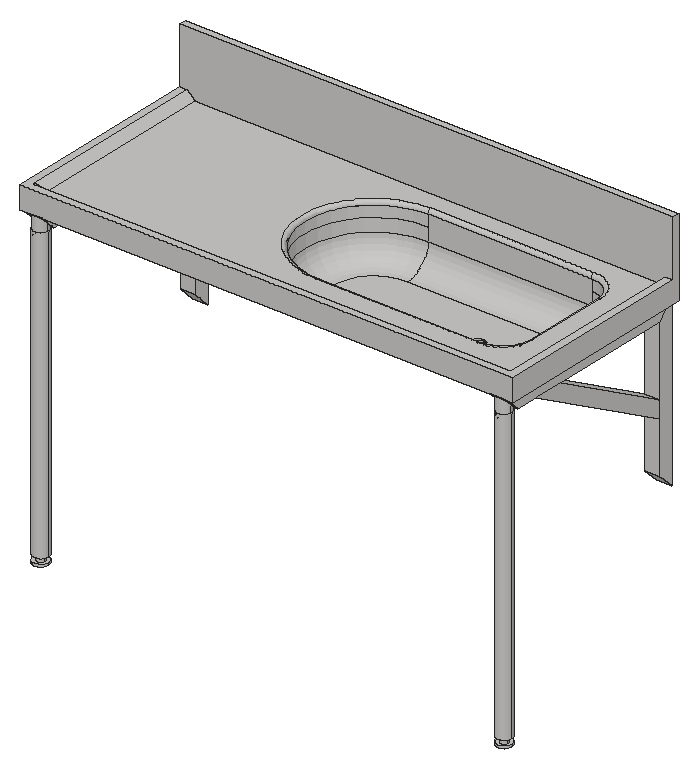
Revit family
Parameters (values of type "1320 X 555")
  Radius Of Semi_Circular Bowl = Width Of Semi_Circular Bowl / 2  # 182.5 mm
  Depth Of Semi_Circular Bowl = 165 mm
  Width Of Semi_Circular Bowl = 365 mm
  Length Of Semi_Circular Bowl = 690 mm
  Waste Connection Radius = Waste Connection Diameter / 2  # 20 mm
  Waste Connection Diameter = 40 mm
  Waste Connection = 1 = 1  # yes
  WFU = 0
  Vent Connection = 1 = 0  # no
  URL = "http://www.autospec.co.za/browse.php?id=1644179282"
  Product Code = "None"
  OmniClass Title = ""
  OmniClass Number = ""
  Modspec Classification = ""
  Specification = ""
  Location (revit room) = ""
  Material = Stainless Steel Grade 304
  HW Connection = 1 = 0  # no
  Description = ""
  Default Elevation = 0 mm
  Colour = none
  CW Connection = 1 = 0  # no
  Body Finish = none
  Bed Height = 210 mm
  Splashback Height = 150 mm
  Width = 555 mm
  Model = "Baby Bath-BBGB -1320 X 555"
  Manufacturer = "Kwikot"  # constant formula
  Length = 1320 mm
  Height = 1050 mm
  Assembly Code = "D2010510"
Reference planes
  plane 1 "Back": y = 0
  plane 2 "Bottom": z = 0
  plane 3 "Center (Left/Right)": x = 0
  plane 4 "Left": x = -660
  plane 5 "Right": x = 660
  plane 6 "Front": y = -555
  plane 7 "Top": z = 1050
  plane 8: z = 900
  plane 9: z = 840
  plane 10: z = 735
  plane 11: y = -262
  plane 12: x = 560
  plane 13: x = -130
  plane 14: y = -79.5
  plane 15: y = -444.5
Forms (mm)
  Extrusion 1, solid, material "Stainless Steel Grade 304" <- "Material"
    sketch origin (-660, -491, 4000) x (0, -1, 0) y (0, 0, 1)
      loop
        line (-491, -3160) -> (64, -3160) -> (64, -3100) -> (-471, -3100) -> (-471, -2950) -> (-491, -2950) -> (-491, -3160)
    from 0 to -1320
  Blend 2, void
    base sketch origin (-779.234, -1524, 900) x (0, -1, 0) y (1, 0, 0)
      loop
        arc (-994, 139.234) -> (-990.464, 140.698) -> (-989, 144.234) r 5
        line (-989, 144.234) -> (-989, 1414.234)
        arc (-989, 1414.234) -> (-990.464, 1417.769) -> (-994, 1419.234) r 5
        line (-994, 1419.234) -> (-1504, 1419.234) -> (-1504, 139.234) -> (-994, 139.234)
    top sketch origin (-779.234, -1524, 900) x (0, -1, 0) y (1, 0, 0)
      loop
        line (-1504, 159.234) -> (-1014, 159.234)
        arc (-1014, 159.234) -> (-1010.464, 160.698) -> (-1009, 164.234) r 5
        line (-1009, 164.234) -> (-1009, 1394.234)
        arc (-1009, 1394.234) -> (-1010.464, 1397.769) -> (-1014, 1399.234) r 5
        line (-1014, 1399.234) -> (-1504, 1399.234) -> (-1504, 159.234)
    from 0 to -20
  Extrusion 3, void
    sketch origin (-779.234, -1524, 840) x (0, -1, 0) y (-1, 0, 0)
      loop
        line (-1444.5, -831.734) -> (-1444.5, -1269.234)
        arc (-1444.5, -1269.234) -> (-1423.997, -1318.731) -> (-1374.5, -1339.234) r 70
        line (-1374.5, -1339.234) -> (-1149.5, -1339.234)
        arc (-1149.5, -1339.234) -> (-1100.003, -1318.731) -> (-1079.5, -1269.234) r 70
        line (-1079.5, -1269.234) -> (-1079.5, -831.734)
        arc (-1079.5, -831.734) -> (-1262, -649.234) -> (-1444.5, -831.734) r 182.5
    from 0 to -60
  Sweep 4, solid, material "Stainless Steel Grade 304" <- "Material"
    path origin (-779.234, -1524, 840) x (-1, 0, 0) y (0, -1, 0)
      loop
        line (-1269.234, -1444.5) -> (-831.734, -1444.5)
        arc (-831.734, -1444.5) -> (-649.234, -1262) -> (-831.734, -1079.5) r 182.5
        line (-831.734, -1079.5) -> (-1269.234, -1079.5)
        arc (-1269.234, -1079.5) -> (-1318.731, -1100.003) -> (-1339.234, -1149.5) r 70
        line (-1339.234, -1149.5) -> (-1339.234, -1374.5)
        arc (-1339.234, -1374.5) -> (-1318.731, -1423.997) -> (-1269.234, -1444.5) r 70
    profile origin (271.25, -79.5, 840) x (0, -1, 0) y (0, 0, 1)
      loop
        line (0, 0) -> (-2.5, 0) -> (-2.5, -35)
        arc (-2.5, -35) -> (18.003, -84.497) -> (67.5, -105) r 70
        line (67.5, -105) -> (67.5, -102.5)
        arc (67.5, -102.5) -> (19.77, -82.73) -> (0, -35) r 67.5
        line (0, -35) -> (0, 0)
  Extrusion 5, solid, material "Stainless Steel Grade 304" <- "Material"
    sketch origin (-1108.106, -1524, 735) x (-1, 0, 0) y (0, -1, 0)
      loop
        arc (-1160.606, -1377) -> (-1045.606, -1262) -> (-1160.606, -1147) r 115
        line (-1160.606, -1147) -> (-1598.106, -1147)
        arc (-1598.106, -1147) -> (-1599.874, -1147.732) -> (-1600.606, -1149.5) r 2.5
        line (-1600.606, -1149.5) -> (-1600.606, -1374.5)
        arc (-1600.606, -1374.5) -> (-1599.874, -1376.268) -> (-1598.106, -1377) r 2.5
        line (-1598.106, -1377) -> (-1160.606, -1377)
      loop
        circle (-1438.106, -1262) r 20
    from 0 to 2.5
  Extrusion 6, solid, material "Stainless Steel Grade 304" <- "Material"
    sketch origin (-1108.106, -1524, 735) x (-1, 0, 0) y (0, -1, 0)
      loop
        circle (-1438.106, -1262) r 20
      loop
        circle (-1438.106, -1262) r 23
    from 0 to -5
  Sweep 7, void
    path origin (-779.234, -1524, 900) x (-1, 0, 0) y (0, -1, 0)
      loop
        line (-1269.234, -1444.5) -> (-831.734, -1444.5)
        arc (-831.734, -1444.5) -> (-649.234, -1262) -> (-831.734, -1079.5) r 182.5
        line (-831.734, -1079.5) -> (-1269.234, -1079.5)
        arc (-1269.234, -1079.5) -> (-1318.731, -1100.003) -> (-1339.234, -1149.5) r 70
        line (-1339.234, -1149.5) -> (-1339.234, -1374.5)
        arc (-1339.234, -1374.5) -> (-1318.731, -1423.997) -> (-1269.234, -1444.5) r 70
    profile origin (271.25, -79.5, 900) x (0, -1, 0) y (0, 0, 1)
      loop
        line (0, -20) -> (-10, -20)
        arc (-10, -20) -> (-2.929, -22.929) -> (0, -30) r 10
        line (0, -30) -> (0, -20)
Cuts and joins
  Blend 2, Extrusion 3, Sweep 7 cuts Extrusion 1
  Sweep 7 cuts Sweep 4
  Sweep 7 cuts Extrusion 5
  joined: Extrusion 1, Sweep 4, Extrusion 5
Lines and regions (mm)
  symbolic lines
    curve 1: line (-660, 0, 750) -> (-660, -555, 750)
    curve 2: line (660, 0, 750) -> (-660, 0, 750)
    curve 3: line (660, -555, 750) -> (660, 0, 750)
    curve 4: line (-660, -555, 750) -> (660, -555, 750)
    curve 5: line (635, -535, 750) -> (-635, -535, 750)
    curve 6: arc (-635, -535, 750) -> (-638.536, -533.536, 750) -> (-640, -530, 750) r 5
    curve 7: line (-640, -530, 750) -> (-640, -20, 750)
    curve 8: line (-660, -20, 750) -> (660, -20, 750)
    curve 9: arc (640, -530, 750) -> (638.536, -533.536, 750) -> (635, -535, 750) r 5
    curve 10: line (640, -20, 750) -> (640, -530, 750)
    curve 11: line (490, -79.5, 750) -> (52.5, -79.5, 750)
    curve 12: arc (560, -149.5, 750) -> (539.497, -100.003, 750) -> (490, -79.5, 750) r 70
    curve 13: line (560, -374.5, 750) -> (560, -149.5, 750)
    curve 14: arc (490, -444.5, 750) -> (539.497, -423.997, 750) -> (560, -374.5, 750) r 70
    curve 15: line (52.5, -444.5, 750) -> (490, -444.5, 750)
    curve 16: arc (52.5, -79.5, 750) -> (-130, -262, 750) -> (52.5, -444.5, 750) r 182.5
    curve 19: line (-620, -20, 750) -> (-620, -510, 750)
    curve 20: arc (-620, -510, 750) -> (-618.536, -513.536, 750) -> (-615, -515, 750) r 5
    curve 21: line (-615, -515, 750) -> (615, -515, 750)
    curve 22: arc (615, -515, 750) -> (618.536, -513.536, 750) -> (620, -510, 750) r 5
    curve 23: line (620, -510, 750) -> (620, -20, 750)
  symbolic lines, detail levels fine
    curve 17: arc (350, -262, 750) -> (330, -282, 750) -> (310, -262, 750) r 20
    curve 18: arc (310, -262, 750) -> (330, -242, 750) -> (350, -262, 750) r 20
Dimensions and locks
  equal spacing: plane 4 "Left", plane 3 "Center (Left/Right)", plane 5 "Right"
  "Length": plane 4 "Left" to plane 5 "Right"
  "Width": plane 1 "Back" to plane 6 "Front"
  "Height": plane 7 "Top" to level
  "Splashback Height": plane 7 "Top" to plane 8
  Blend 2 sketch curve to plane 6 "Front" = 20 mm
  "Bed Height": plane 7 "Top" to plane 9
  "Depth Of Semi_Circular Bowl": plane 8 to plane 10
  locked: plane 11 to plane 6 "Front" at 293
  "Length Of Semi_Circular Bowl": plane 13 to plane 12
  "Width Of Semi_Circular Bowl": plane 14 to plane 15
  equal spacing: plane 14, plane 11, plane 15
  plane 12 to plane 5 "Right" = 100 mm
  "Radius Of Semi_Circular Bowl": plane 13 to Extrusion 3 sketch curve
  Extrusion 5 sketch curve to plane 5 "Right" = 330 mm
  radius of Sweep 4 sketch curve = 67.5 mm
  radius of Sweep 4 sketch curve = 70 mm
  aligned and locked: level to plane 2 "Bottom"
  aligned and locked: Extrusion 1 sketch curve to plane 9
  aligned and locked: Extrusion 1 sketch curve to plane 1 "Back"
  aligned and locked: plane 8 to Extrusion 1 sketch curve
  aligned and locked: Extrusion 1 sketch curve to plane 6 "Front"
  aligned and locked: plane 7 "Top" to Extrusion 1 sketch curve
  aligned and locked: plane 4 "Left" to Extrusion 1
  aligned and locked: Extrusion 1 to plane 5 "Right"
  aligned and locked: var sketch to Blend 2 sketch curve
  aligned and locked: plane 8 to Extrusion 3
  aligned and locked: Extrusion 3 to plane 9
  aligned and locked: curve 1 to cut or joined group of Extrusion 1, Blend 2, Extrusion 3, Sweep 4, Extrusion 5, Sweep 7
  aligned and locked: curve 2 to cut or joined group of Extrusion 1, Blend 2, Extrusion 3, Sweep 4, Extrusion 5, Sweep 7
  aligned and locked: curve 3 to cut or joined group of Extrusion 1, Blend 2, Extrusion 3, Sweep 4, Extrusion 5, Sweep 7
  aligned and locked: curve 4 to cut or joined group of Extrusion 1, Blend 2, Extrusion 3, Sweep 4, Extrusion 5, Sweep 7
  aligned and locked: curve 6 to cut or joined group of Extrusion 1, Blend 2, Extrusion 3, Sweep 4, Extrusion 5, Sweep 7
  aligned and locked: curve 8 to cut or joined group of Extrusion 1, Blend 2, Extrusion 3, Sweep 4, Extrusion 5, Sweep 7
  aligned and locked: curve 9 to cut or joined group of Extrusion 1, Blend 2, Extrusion 3, Sweep 4, Extrusion 5, Sweep 7
  aligned and locked: curve 10 to cut or joined group of Extrusion 1, Blend 2, Extrusion 3, Sweep 4, Extrusion 5, Sweep 7
  aligned and locked: curve 19 to cut or joined group of Extrusion 1, Blend 2, Extrusion 3, Sweep 4, Extrusion 5, Sweep 7
  aligned and locked: curve 20 to cut or joined group of Extrusion 1, Blend 2, Extrusion 3, Sweep 4, Extrusion 5, Sweep 7
  aligned and locked: curve 22 to cut or joined group of Extrusion 1, Blend 2, Extrusion 3, Sweep 4, Extrusion 5, Sweep 7
  aligned and locked: plane 11 to Extrusion 3 sketch curve
  aligned and locked: plane 12 to Extrusion 3 sketch curve
  aligned and locked: plane 15 to Extrusion 3 sketch curve
  aligned and locked: Sweep 4 sketch curve to cut or joined group of Extrusion 1, Blend 2, Extrusion 3, Sweep 4, Extrusion 5, Sweep 7  (x5)
  aligned and locked: Extrusion 5 sketch curve to Sweep 4  (x3)
  aligned and locked: plane 11 to Extrusion 5 sketch curve
  aligned and locked: Extrusion 6 sketch curve to cut or joined group of Extrusion 1, Blend 2, Extrusion 3, Sweep 4, Extrusion 5, Sweep 7  (x2)
  aligned and locked: nested 1 to plane 4 "Left"
  aligned and locked: plane 1 "Back" to nested 1
  aligned and locked: nested 2 to plane 5 "Right"
  aligned and locked: plane 1 "Back" to nested 2
  aligned and locked: nested 4 to plane 5 "Right"
  aligned and locked: nested 4 to plane 6 "Front"
  aligned and locked: nested 3 to plane 4 "Left"
  aligned and locked: nested 3 to plane 6 "Front"
  aligned and locked: curve 16 to cut or joined group of Extrusion 1, Blend 2, Extrusion 3, Sweep 4, Extrusion 5, Sweep 7
  aligned and locked: curve 14 to cut or joined group of Extrusion 1, Blend 2, Extrusion 3, Sweep 4, Extrusion 5, Sweep 7
  aligned and locked: curve 12 to cut or joined group of Extrusion 1, Blend 2, Extrusion 3, Sweep 4, Extrusion 5, Sweep 7
  aligned and locked: plane 10 to Sweep 4 sketch curve
  aligned and locked: Sweep 7 sketch curve to cut or joined group of Extrusion 1, Blend 2, Extrusion 3, Sweep 4, Extrusion 5, Sweep 7  (x3)
  aligned and locked: profile plane to Sweep 7 sketch curve
  aligned and locked: cut or joined group of Extrusion 1, Blend 2, Extrusion 3, Sweep 4, Extrusion 5, Sweep 7 to Sweep 7 sketch curve
Automatic sketch dimensions
  plane 6 "Front" to Blend 2 sketch curve = 25 mm
  Blend 2 sketch curve to Blend 2 sketch curve = 5 mm  (x2)
  Blend 2 sketch curve to plane 4 "Left" = 20 mm
  plane 5 "Right" to Blend 2 sketch curve = 25 mm
  plane 6 "Front" to Blend 2 sketch curve = 45 mm  (x2)
  Blend 2 sketch curve to plane 4 "Left" = 45 mm
  plane 5 "Right" to Blend 2 sketch curve = 45 mm
  plane 1 "Back" to Extrusion 1 sketch curve = 20 mm
  Extrusion 3 sketch curve to Extrusion 3 sketch curve = 70 mm  (x2)
  plane 1 "Back" to Blend 2 sketch curve = 20 mm
  plane 1 "Back" to curve 2 = 0 mm
  curve 2 to plane 5 "Right" = 0 mm
  curve 1 to plane 4 "Left" = 0 mm
  curve 1 to plane 6 "Front" = 0 mm
  curve 18 to plane 11 = 0 mm
  curve 14 to curve 18 = 140 mm
  curve 17 to curve 18 = 20 mm
  Sweep 4 sketch curve to Sweep 4 sketch curve = 0 mm
  Extrusion 6 sketch curve to Extrusion 6 sketch curve = 0 mm  (x2)
  Extrusion 6 sketch curve to Extrusion 6 sketch curve = 3 mm
  Sweep 7 sketch curve to Sweep 7 sketch curve = 10 mm  (x3)
  profile plane to Sweep 7 sketch curve = 10 mm
  Sweep 7 sketch curve to profile plane = 0 mm
  radius of Extrusion 5 sketch curve = 20 mm
Nested families
  nested 1: "Gallows_Bracket" at (-660, 0, 0), Width <- "Width", Height <- "Height", Bed Height <- "Bed Height", type "Gallows_Bracket"
    with Width 555 mm, Height 1050 mm, Bed Height 210 mm
  nested 2: "Gallows_Bracket" at (660, 0, 0) x (-1, 0, 0) z (0, 0, 1), Width <- "Width", Height <- "Height", Bed Height <- "Bed Height", type "Gallows_Bracket"
    with Width 555 mm, Height 1050 mm, Bed Height 210 mm
  nested 3: "Round-Leg_Detachable" at (-660, -555, 0), Height <- "Height", Bed Height <- "Bed Height", type "Round-Leg_Detachable"
    with Height 1050 mm, Bed Height 210 mm
  nested 4: "Round-Leg_Detachable" at (660, -555, 0) x (-1, 0, 0) z (0, 0, 1), Height <- "Height", Bed Height <- "Bed Height", type "Round-Leg_Detachable"
    with Height 1050 mm, Bed Height 210 mm
Connectors
  piping at (330, -262, 730), driven by "Waste Connection Radius", driven by "WFU"
    settings: on Extrusion 6, index 1, connector radius 20 mm, flow factor 0, pipe flow 0.0 L/s, pressure drop 0.0 Pa, fitting loss kfactor 0, connector angle 0.00°, fixture units 0, flow configuration 3, flow direction 2, fitting loss method 0, system type 16, connector reference index -1, connector utility 0, adjustable connector no, is connector primary yes, fitting loss table "", connector description "Waste Connection"
Definition of nested family "Gallows_Bracket"
  Parameters (values of type "Gallows_Bracket")
    Width [instance] = 700 mm
    Height [instance] = 1050 mm
    Bed Height [instance] = 230 mm
  Reference planes
    plane 1 "Center (Front/Back)": y = 0
    plane 2: z = 0
    plane 3 "Center (Left/Right)": x = 0
    plane 4: z = 820
    plane 5: y = -700
    plane 6: z = 1050
  Forms (mm)
    Extrusion 1, solid, material "Stainless Steel Grade 304"
      sketch origin (0, 0, 0) x (0, 1, 0) y (0, 0, 1)
        loop
          line (0, 820) -> (-40, 780) -> (-40, 410) -> (0, 370) -> (0, 820)
      from 20 to 60
    Extrusion 2, solid, material "Stainless Steel Grade 304"
      sketch origin (0, 0, 0) x (0, 1, 0) y (0, 0, 1)
        loop
          line (0, 820) -> (-700, 820) -> (-660, 780) -> (-40, 780) -> (0, 820)
      from 20 to 60
    Extrusion 3, solid, material "Stainless Steel Grade 304"
      sketch origin (0, 0, 0) x (0, 1, 0) y (0, 0, 1)
        loop
          line (-40, 595) -> (-370, 780) -> (-451.799, 780) -> (-40, 549.143) -> (-40, 595)
      from 20 to 60
    Extrusion 4, solid, material "Stainless Steel Grade 304"
      sketch origin (-479.326, -1524, 820) x (-1, 0, 0) y (0, -1, 0)
        loop
          circle (-519.326, -844) r 19
      from 0 to -50
  Cuts and joins
    joined: Extrusion 2, Extrusion 4
  Dimensions and locks
    "Width": plane 1 "Center (Front/Back)" to plane 5
    locked: Extrusion 3 sketch curve to Extrusion 3 sketch curve at 40
    plane 3 "Center (Left/Right)" to Extrusion 4 sketch curve = 40 mm
    Extrusion 4 sketch curve to plane 5 = 20 mm
    "Height": plane 6 to plane 2
    locked: plane 4 to Extrusion 1 sketch curve at 450
    locked: plane 4 to Extrusion 1 sketch curve at 410
    "Bed Height": plane 6 to plane 4
    radius of Extrusion 4 sketch curve = 19 mm
    aligned and locked: level to plane 2
    aligned and locked: Extrusion 1 sketch curve to plane 1 "Center (Front/Back)"
    aligned and locked: Extrusion 2 sketch curve to Extrusion 1
    aligned and locked: Extrusion 2 sketch curve to plane 4
    aligned and locked: Extrusion 2 to Extrusion 3 sketch curve
    aligned and locked: Extrusion 1 to Extrusion 3 sketch curve
    aligned and locked: Extrusion 3 to Extrusion 1
    aligned and locked: Extrusion 1 to Extrusion 3
    aligned and locked: Extrusion 2 to Extrusion 1  (x2)
    aligned and locked: plane 4 to Extrusion 4
  Automatic sketch dimensions
    Extrusion 1 sketch curve to plane 4 = 0 mm
    plane 1 "Center (Front/Back)" to Extrusion 1 sketch curve = 40 mm
    Extrusion 1 sketch curve to plane 4 = 40 mm
    plane 1 "Center (Front/Back)" to Extrusion 3 sketch curve = 370 mm
    Extrusion 3 sketch curve to Extrusion 3 sketch curve = 81.799 mm
    plane 5 to Extrusion 2 sketch curve = 40 mm
    Extrusion 2 sketch curve to plane 4 = 40 mm
    Extrusion 2 sketch curve to plane 5 = 0 mm
Definition of nested family "Round-Leg_Detachable"
  Parameters (values of type "Round-Leg_Detachable")
    Height [instance] = 1050 mm
    Bed Height [instance] = 230 mm
  Reference planes
    plane 1 "Center (Front/Back)": y = 0
    plane 2: z = 0
    plane 3 "Center (Left/Right)": x = 0
    plane 4: z = 820
    plane 5: z = 1050
  Forms (mm)
    Extrusion 1, solid, material "Stainless Steel Grade 304"
      sketch origin (0, 0, 0) x (1, 0, 0) y (0, 1, 0)
        loop
          circle (40, 20.5) r 20.5
      from 20 to 780
    Extrusion 2, solid, material "Stainless Steel Grade 304"
      sketch origin (0, 0, 0) x (1, 0, 0) y (0, 1, 0)
        loop
          circle (40, 20.5) r 20.5
      from 0 to 5
    Extrusion 3, solid, material "Stainless Steel Grade 304"
      sketch origin (0, 0, 0) x (1, 0, 0) y (0, 1, 0)
        loop
          circle (40, 20.5) r 10
      from 5 to 20
  Dimensions and locks
    plane 1 "Center (Front/Back)" to Extrusion 1 sketch curve = 20.5 mm
    plane 3 "Center (Left/Right)" to Extrusion 1 sketch curve = 40 mm
    "Height": plane 5 to plane 2
    locked: plane 4 to Extrusion 1 at 40
    plane 1 "Center (Front/Back)" to Extrusion 3 sketch curve = 20.5 mm
    "Bed Height": plane 5 to plane 4
    radius of Extrusion 1 sketch curve = 20.5 mm
    radius of Extrusion 3 sketch curve = 10 mm
    aligned and locked: level to plane 2
    aligned and locked: Extrusion 2 sketch curve to Extrusion 1  (x2)
  Automatic sketch dimensions
    plane 3 "Center (Left/Right)" to Extrusion 3 sketch curve = 30 mm
